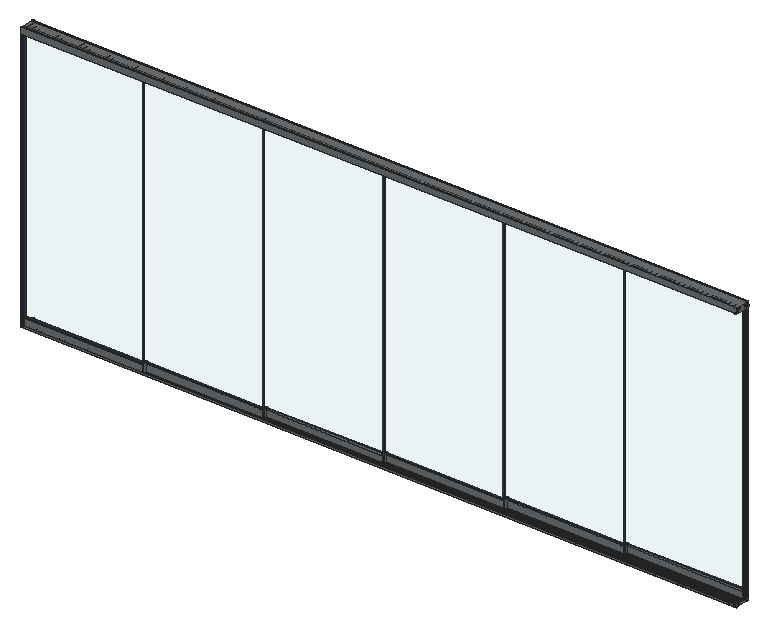
Revit family "Verano_V764_Olivera_GM_R21", category Generic Models, Revit 2021
Family settings
  Can host rebar = No
  Round Connector Dimension = Use Diameter
  Part Type = Normal
  Work Plane-Based = No
  Always vertical = Yes
  Cut with Voids When Loaded = No
  Shared = No
  Room Calculation Point = No
Parameters (values of type "4 Track")
  Width [instance] = Overall Width Constraint  # 6000 mm
  Warning - Width [instance] = if(or(Width Input < Minimal Width, Width Input > Maximal Width), 1 = 1, 1 = 0)  # no
  Warning - Size [instance] = if(and(Overall Width Constraint > 4000 mm, Overall Width Constraint < 4250 mm), 1 = 1, 1 = 0)  # no
  Warning - Height [instance] = if(or([Height Input (1250 - 2250mm)] < Minimal Height, [Height Input (1250 - 2250mm)] > Maximal Height), 1 = 1, 1 = 0)  # no
  Vertical Profile Length [instance] = Overall Height Constraint - 46 mm  # 2204 mm
  URL = "www.verano.nl"
  Sliding Panel Height [instance] = Overall Height Constraint - 31 mm  # 2219 mm
  Segment Width Calc [instance] = ((Overall Width Constraint - 8.4 mm) + (Number of Panels - 1) * 36 mm) / Number of Panels  # 1028.6 mm
  STATE [instance] = 1
  SEMI-OPEN [instance] = STATE = 3  # no
  Panel Material = Glass
  Width Input [instance] = 6000 mm
  Panel 6 Visibility [instance] = Number of Panels = 6  # yes
  Panel 5 Visibility [instance] = if(or(Number of Panels = 5, Number of Panels = 6), 1 = 1, 1 = 0)  # yes
  Panel 4 Visibility [instance] = if(or(Number of Panels = 4, Number of Panels = 5, Number of Panels = 6), 1 = 1, 1 = 0)  # yes
  Panel 3 Visibility [instance] = if(or(Number of Panels = 3, Number of Panels = 4, Number of Panels = 5, Number of Panels = 6), 1 = 1, 1 = 0)  # yes
  Number of Panels [instance] = if(Overall Width Constraint < 2001 mm, 2, if(and(Overall Width Constraint > 2000 mm, Overall Width Constraint < 2751 mm), 3, if(and(Overall Width Constraint > 2750 mm, Overall Width Constraint < 4001 mm), 4, if(and(Overall Width Constraint > 4249 mm, Overall Width Constraint < 5001 mm), 5, 6))))  # 6
  Height Input (1250 - 2250mm) [instance] = 2250 mm
  Opening Percentage % = 50
  Opening Minimum = 0 mm  # constant formula
  Opening Maximum [instance] = Overall Width Constraint - Segment Width Calc  # 4971.4 mm
  Opening Percentage Constraint [instance] = if(OPEN, 0, if(CLOSED, 100, Opening Percentage %))  # 100
  Offset 6 [instance] = if(OPEN, Offset 1, if([SEMI-OPEN], Segment Width Calc * Opening Percentage Constraint / 100 * 5, (Segment Width Calc - 36 mm) * 5))  # 4963 mm
  Offset 5 [instance] = if(OPEN, Offset 1, if([SEMI-OPEN], Segment Width Calc * Opening Percentage Constraint / 100 * 4, (Segment Width Calc - 36 mm) * 4))  # 3970.4 mm
  Offset 4 [instance] = if(OPEN, Offset 1, if([SEMI-OPEN], Segment Width Calc * Opening Percentage Constraint / 100 * 3, (Segment Width Calc - 36 mm) * 3))  # 2977.8 mm
  Offset 3 [instance] = if(OPEN, Offset 1, if([SEMI-OPEN], Segment Width Calc * Opening Percentage Constraint / 100 * 2, (Segment Width Calc - 36 mm) * 2))  # 1985.2 mm
  Offset 2 [instance] = if(OPEN, Offset 1, if([SEMI-OPEN], Segment Width Calc * Opening Percentage Constraint / 100, Segment Width Calc - 36 mm))  # 992.6 mm
  Offset 1 [instance] = 4.2 mm  # constant formula
  OPEN [instance] = STATE = 2  # no
  Model = "V764 Olivera"
  Minimal Width = 1500 mm  # constant formula
  Minimal Height = 1250 mm  # constant formula
  Maximal Width = 6000 mm  # constant formula
  Maximal Height = 2250 mm  # constant formula
  Manufacturer = "Verano Systems"
  Height [instance] = Overall Height Constraint  # 2250 mm
  Frame Material = V_Antracite
  End Profile 6 Visibility [instance] = Number of Panels = 6  # yes
  End Profile 5 Visibility [instance] = Number of Panels = 5  # no
  End Profile 4 Visibility [instance] = Number of Panels = 4  # no
  End Profile 3 Visibility [instance] = Number of Panels = 3  # no
  End Profile 2 Visibility [instance] = Number of Panels = 2  # no
  Description = "The Olivera is a sliding glass wall with 8 mm or 10 mm of tempered glass. The glass panels are positioned on a smooth running, anodised rail and are equipped with a transport function. The Olivera can be used with all Verano® patio awnings and various other existing situations."
  CLOSED [instance] = STATE = 1  # yes
  Overall Width Constraint [instance] = if(Width Input < Minimal Width, Minimal Width, if(Width Input > Maximal Width, Maximal Width, Width Input))  # 6000 mm
  Overall Height Constraint [instance] = if([Height Input (1250 - 2250mm)] < Minimal Height, Minimal Height, if([Height Input (1250 - 2250mm)] > Maximal Height, Maximal Height, [Height Input (1250 - 2250mm)]))  # 2250 mm
  Default Elevation = 0 mm
  6 Track [instance] = if(Overall Width Constraint > 4249 mm, 1 = 1, 1 = 0)  # yes
  4 Track [instance] = if(Overall Width Constraint < 4001 mm, 1 = 1, 1 = 0)  # no
Reference planes
  plane 1 "Center (Front/Back)": y = 0
  plane 2: z = 0
  plane 3 "Center (Left/Right)": x = 0
  plane 4: x = 3000
  plane 5: x = -3000
  plane 6: z = 2250
  plane 7: y = 15
  plane 8: y = 34
  plane 9: y = 53
  plane 10: y = 72
  plane 11: y = 91
  plane 12: y = 110
  plane 13: x = -2995.8
  plane 14: x = -2003.2
  plane 15: x = -1010.6
  plane 16: x = -18
  plane 17: x = 974.6
  plane 18: x = 1967.2
Dimensions and locks
  equal spacing: plane 5, plane 3 "Center (Left/Right)", plane 4
  "Overall Width Constraint": plane 5 to plane 4
  "Overall Height Constraint": plane 6 to level
  "Offset 1": plane 5 to plane 13
  "Offset 2": plane 13 to plane 14
  "Offset 3": plane 13 to plane 15
  "Offset 4": plane 13 to plane 16
  "Offset 5": plane 13 to plane 17
  "Offset 6": plane 13 to plane 18
  plane 14 to nested 8 = 36 mm
  plane 15 to nested 9 = 36 mm
  plane 16 to nested 10 = 36 mm
  aligned and locked: level to plane 2
  aligned and locked: plane 3 "Center (Left/Right)" to nested 2
  aligned and locked: nested 2 to plane 1 "Center (Front/Back)"
  aligned and locked: plane 3 "Center (Left/Right)" to nested 3
  aligned and locked: nested 3 to plane 1 "Center (Front/Back)"
  aligned and locked: plane 5 to nested 1
  aligned and locked: nested 1 to plane 7
  aligned and locked: nested 4 to plane 4
  aligned and locked: nested 4 to plane 9
  aligned and locked: nested 5 to plane 10
  aligned and locked: nested 5 to plane 4
  aligned and locked: nested 6 to plane 11
  aligned and locked: nested 6 to plane 4
  aligned and locked: nested 7 to plane 12
  aligned and locked: nested 7 to plane 4
  aligned and locked: plane 13 to nested 8
  aligned and locked: nested 8 to plane 7
  aligned and locked: plane 14 to nested 9
  aligned and locked: nested 9 to plane 8
  aligned and locked: plane 15 to nested 10
  aligned and locked: nested 10 to plane 9
  aligned and locked: nested 11 to plane 11
  aligned and locked: plane 17 to nested 11
  aligned and locked: plane 12 to nested 12
  aligned and locked: nested 12 to plane 18
  aligned and locked: nested 13 to plane 10
  aligned and locked: nested 14 to plane 17
  aligned and locked: nested 14 to plane 11
  aligned and locked: nested 15 to plane 10
  aligned and locked: nested 15 to plane 16
  aligned and locked: nested 13 to plane 16
  aligned and locked: nested 16 to plane 8
  aligned and locked: nested 16 to plane 4
  aligned and locked: nested 17 to plane 1 "Center (Front/Back)"
  aligned and locked: plane 3 "Center (Left/Right)" to nested 17
  aligned and locked: plane 3 "Center (Left/Right)" to nested 18
  aligned and locked: nested 18 to plane 1 "Center (Front/Back)"
Nested families
  nested 1: "Vertical Profile" at (-3000, 15, 0), type "Vertical Profile"
    with Length 2204 mm
  nested 2: "Top Guides" at (0, 0, 2250), built-in parameter 1001360 <- "Overall Height Constraint", visible <- "4 Track", type "Top Guides"
    with Length 6000 mm, 6 no, 5 no, 3 no
  nested 3: "Bottom Guides" at (0, 0, 0), visible <- "4 Track", type "Bottom Guides"
    with Length 6000 mm, 6 no, 4 yes
  nested 4: "Vertical Profile" at (3000, 53, 0) x (-1, 0, 0) z (0, 0, 1), visible <- "End Profile 3 Visibility", type "Vertical Profile"
    with Length 2204 mm
  nested 5: "Vertical Profile" at (3000, 72, 0) x (-1, 0, 0) z (0, 0, 1), visible <- "End Profile 4 Visibility", type "Vertical Profile"
    with Length 2204 mm
  nested 6: "Vertical Profile" at (3000, 91, 0) x (-1, 0, 0) z (0, 0, 1), visible <- "End Profile 5 Visibility", type "Vertical Profile"
    with Length 2204 mm
  nested 7: "Vertical Profile" at (3000, 110, 0) x (-1, 0, 0) z (0, 0, 1), visible <- "End Profile 6 Visibility", type "Vertical Profile"
    with Length 2204 mm
  nested 8: "Sliding Panel" at (-2481.5, 15, 0), type "Sliding Panel"
    with Width 1028.6 mm, Horizontal Profile Length 1002.6 mm, Height 2250 mm, Glass Width 1022.6 mm, Glass Height 2218 mm
  nested 9: "Sliding Panel" at (-1488.9, 34, 0), type "Sliding Panel"
    with Width 1028.6 mm, Horizontal Profile Length 1002.6 mm, Height 2250 mm, Glass Width 1022.6 mm, Glass Height 2218 mm
  nested 10: "Sliding Panel" at (-496.3, 53, 0), visible <- "Panel 3 Visibility", type "Sliding Panel"
    with Width 1028.6 mm, Horizontal Profile Length 1002.6 mm, Height 2250 mm, Glass Width 1022.6 mm, Glass Height 2218 mm
  nested 11: "Sliding Panel" at (1488.9, 91, 0), type "Sliding Panel", not visible
    with Width 1028.6 mm, Horizontal Profile Length 1002.6 mm, Height 2250 mm, Glass Width 1022.6 mm, Glass Height 2218 mm
  nested 12: "Sliding Panel" at (2481.5, 110, 0), visible <- "Panel 6 Visibility", type "Sliding Panel"
    with Width 1028.6 mm, Horizontal Profile Length 1002.6 mm, Height 2250 mm, Glass Width 1022.6 mm, Glass Height 2218 mm
  nested 13: "Sliding Panel" at (496.3, 72, 0), type "Sliding Panel", not visible
    with Width 1028.6 mm, Horizontal Profile Length 1002.6 mm, Height 2250 mm, Glass Width 1022.6 mm, Glass Height 2218 mm
  nested 14: "Sliding Panel" at (1488.9, 91, 0), visible <- "Panel 5 Visibility", type "Sliding Panel"
    with Width 1028.6 mm, Horizontal Profile Length 1002.6 mm, Height 2250 mm, Glass Width 1022.6 mm, Glass Height 2218 mm
  nested 15: "Sliding Panel" at (496.3, 72, 0), visible <- "Panel 4 Visibility", type "Sliding Panel"
    with Width 1028.6 mm, Horizontal Profile Length 1002.6 mm, Height 2250 mm, Glass Width 1022.6 mm, Glass Height 2218 mm
  nested 16: "Vertical Profile" at (3000, 34, 0) x (-1, 0, 0) z (0, 0, 1), visible <- "End Profile 2 Visibility", type "Vertical Profile"
    with Length 2204 mm
  nested 17: "Verano_V764_Olivera_Bottom Guide 6" at (0, 0, 0), visible <- "6 Track", type "Verano_V764_Olivera_Bottom Guide 6"
    with Length 6000 mm
  nested 18: "Verano_V764_Olivera_Top Guide 6" at (0, 0, 2250), built-in parameter 1001364 <- "Overall Height Constraint", visible <- "6 Track", type "Verano_V764_Olivera_Top Guide 6"
    with Length 6000 mm
Definition of nested family "Vertical Profile"
  Parameters (values of type "Vertical Profile")
    Length = 1000 mm
    Frame Material = none
    Default Elevation = 0 mm
  Reference planes
    plane 1 "Center (Front/Back)": y = 0
    plane 2: z = 0
    plane 3 "Center (Left/Right)": x = 0
  Forms (mm)
    Extrusion 1, solid, material <- "Frame Material"
      sketch origin (0, 0, 0) x (1, 0, 0) y (0, 1, 0)
        loop
          line (26, 12.501) -> (0, 12.501) -> (0, 11.351) -> (2.85, 11.351) -> (2.85, 8.851) -> (0, 6.001) -> (0, -5.999) -> (2.85, -8.849) -> (2.85, -11.349) -> (0, -11.349) -> (0, -12.499) -> (26, -12.499) -> (26, -11.049) -> (23, -9.049) -> (21.5, -9.049) -> (21.5, -10.049) -> (22.5, -10.049) -> (22.5, -11.349) -> (17, -11.349) -> (17, -10.049) -> (18, -10.049) -> (18, -9.049) -> (15.85, -9.049) -> (15.85, -11.349) -> (4, -11.349) -> (4, -8.373) -> (1.15, -5.523) -> (1.15, 5.524) -> (4, 8.374) -> (4, 11.351) -> (15.85, 11.351) -> (15.85, 9.051) -> (18, 9.051) -> (18, 10.051) -> (17, 10.051) -> (17, 11.351) -> (22.5, 11.351) -> (22.5, 10.051) -> (21.5, 10.051) -> (21.5, 9.051) -> (23, 9.051) -> (26, 11.051) -> (26, 12.501)
      from 17 to 1000 <- "Length"
  Dimensions and locks
    aligned and locked: level to plane 2
Definition of nested family "Top Guides"
  Parameters (values of type "Top Guides")
    Length = 2000 mm
    Frame Material = none
    Default Elevation = 0 mm
    6 = yes
    5 = yes
    4 = yes
    3 = yes
  Reference planes
    plane 1 "Center (Front/Back)": y = 0
    plane 2: z = 0
    plane 3 "Center (Left/Right)": x = 0
    plane 4: x = -1000
    plane 5: x = 1000
  Forms (mm)
    Extrusion 1, solid, material <- "Frame Material", visible <- "3"
      sketch origin (0, 0, 0) x (0, 1, 0) y (0, 0, 1)
        loop
          line (68.297, 0) -> (64.818, 0) -> (64.818, -1.5) -> (66.097, -1.5) -> (66.097, -7) -> (2.2, -7) -> (2.2, -1.5) -> (3.478, -1.5) -> (3.478, 0) -> (0, 0) -> (0, -46) -> (7.5, -46) -> (7.5, -43.9) -> (6.4, -43.9) -> (6.4, -44.9) -> (5.1, -44.9) -> (5.1, -43.9) -> (4, -43.9) -> (4, -44.9) -> (2.2, -44.9) -> (2.2, -39.65) -> (4, -39.65) -> (4, -40.65) -> (5.1, -40.65) -> (5.1, -39.65) -> (6.4, -39.65) -> (6.4, -40.65) -> (7.5, -40.65) -> (7.5, -38.55) -> (2.2, -38.55) -> (2.2, -9.5) -> (23.6, -9.5) -> (23.6, -32.2) -> (22.5, -32.2) -> (22.5, -40.65) -> (23.6, -40.65) -> (23.6, -39.65) -> (24.9, -39.65) -> (24.9, -44.9) -> (23.6, -44.9) -> (23.6, -43.9) -> (22.5, -43.9) -> (22.5, -46) -> (26, -46)
          arc (26, -46) -> (26.354, -45.854) -> (26.5, -45.5) r 0.5
          line (26.5, -45.5) -> (26.5, -37.55) -> (25.4, -37.55) -> (25.4, -38.55) -> (24.1, -38.55) -> (24.1, -33.3) -> (25.4, -33.3) -> (25.4, -34.3) -> (26.5, -34.3) -> (26.5, -32.2) -> (25.4, -32.2) -> (25.4, -9.5) -> (42.6, -9.5) -> (42.6, -32.2) -> (41.5, -32.2) -> (41.5, -40.65) -> (42.6, -40.65) -> (42.6, -39.65) -> (43.9, -39.65) -> (43.9, -44.9) -> (42.6, -44.9) -> (42.6, -43.9) -> (41.5, -43.9) -> (41.5, -46) -> (45.5, -46) -> (45.5, -37.55) -> (44.4, -37.55) -> (44.4, -38.55) -> (43.1, -38.55) -> (43.1, -33.3) -> (44.4, -33.3) -> (44.4, -34.3) -> (45.5, -34.3) -> (45.5, -32.2) -> (44.4, -32.2) -> (44.4, -9.5) -> (66.097, -9.5) -> (66.097, -38.55) -> (60.797, -38.55) -> (60.797, -40.65) -> (61.897, -40.65) -> (61.897, -39.65) -> (63.197, -39.65) -> (63.197, -40.65) -> (64.297, -40.65) -> (64.297, -39.65) -> (66.097, -39.65) -> (66.097, -44.9) -> (64.297, -44.9) -> (64.297, -43.9) -> (63.197, -43.9) -> (63.197, -44.9) -> (61.897, -44.9) -> (61.897, -43.9) -> (60.797, -43.9) -> (60.797, -46) -> (68.297, -46) -> (68.297, 0)
      from -1000 to 1000
    Extrusion 2, solid, material <- "Frame Material", visible <- "4"
      sketch origin (0, 0, 0) x (0, 1, 0) y (0, 0, 1)
        loop
          line (87, 0) -> (83.522, 0) -> (83.522, -1.5) -> (84.8, -1.5) -> (84.8, -7) -> (2.2, -7) -> (2.2, -1.5) -> (3.478, -1.5) -> (3.478, 0) -> (0, 0) -> (0, -46) -> (7.5, -46) -> (7.5, -43.9) -> (6.4, -43.9) -> (6.4, -44.9) -> (5.1, -44.9) -> (5.1, -43.9) -> (4, -43.9) -> (4, -44.9) -> (2.2, -44.9) -> (2.2, -39.65) -> (4, -39.65) -> (4, -40.65) -> (5.1, -40.65) -> (5.1, -39.65) -> (6.4, -39.65) -> (6.4, -40.65) -> (7.5, -40.65) -> (7.5, -38.55) -> (2.2, -38.55) -> (2.2, -9.5) -> (23.6, -9.5) -> (23.6, -32.2) -> (22.5, -32.2) -> (22.5, -40.65) -> (23.6, -40.65) -> (23.6, -39.65) -> (24.9, -39.65) -> (24.9, -44.9) -> (23.6, -44.9) -> (23.6, -43.9) -> (22.5, -43.9) -> (22.5, -46) -> (26, -46)
          arc (26, -46) -> (26.354, -45.854) -> (26.5, -45.5) r 0.5
          line (26.5, -45.5) -> (26.5, -37.55) -> (25.4, -37.55) -> (25.4, -38.55) -> (24.1, -38.55) -> (24.1, -33.3) -> (25.4, -33.3) -> (25.4, -34.3) -> (26.5, -34.3) -> (26.5, -32.2) -> (25.4, -32.2) -> (25.4, -9.5) -> (42.6, -9.5) -> (42.6, -32.2) -> (41.5, -32.2) -> (41.5, -40.65) -> (42.6, -40.65) -> (42.6, -39.65) -> (43.9, -39.65) -> (43.9, -44.9) -> (42.6, -44.9) -> (42.6, -43.9) -> (41.5, -43.9) -> (41.5, -46) -> (45.5, -46) -> (45.5, -37.55) -> (44.4, -37.55) -> (44.4, -38.55) -> (43.1, -38.55) -> (43.1, -33.3) -> (44.4, -33.3) -> (44.4, -34.3) -> (45.5, -34.3) -> (45.5, -32.2) -> (44.4, -32.2) -> (44.4, -9.5) -> (61.6, -9.5) -> (61.6, -32.2) -> (60.5, -32.2) -> (60.5, -40.65) -> (61.6, -40.65) -> (61.6, -39.65) -> (62.9, -39.65) -> (62.9, -44.9) -> (61.6, -44.9) -> (61.6, -43.9) -> (60.5, -43.9) -> (60.5, -46) -> (64.5, -46) -> (64.5, -37.55) -> (63.4, -37.55) -> (63.4, -38.55) -> (62.1, -38.55) -> (62.1, -33.3) -> (63.4, -33.3) -> (63.4, -34.3) -> (64.5, -34.3) -> (64.5, -32.2) -> (63.4, -32.2) -> (63.4, -9.5) -> (84.8, -9.5) -> (84.8, -38.55) -> (79.5, -38.55) -> (79.5, -40.65) -> (80.6, -40.65) -> (80.6, -39.65) -> (81.9, -39.65) -> (81.9, -40.65) -> (83, -40.65) -> (83, -39.65) -> (84.8, -39.65) -> (84.8, -44.9) -> (83, -44.9) -> (83, -43.9) -> (81.9, -43.9) -> (81.9, -44.9) -> (80.6, -44.9) -> (80.6, -43.9) -> (79.5, -43.9) -> (79.5, -46) -> (87, -46) -> (87, 0)
      from -1000 to 1000
    Extrusion 3, solid, material <- "Frame Material", visible <- "5"
      sketch origin (0, 0, 0) x (0, 1, 0) y (0, 0, 1)
        loop
          line (106.297, 0) -> (102.818, 0) -> (102.818, -1.5) -> (104.097, -1.5) -> (104.097, -7) -> (2.2, -7) -> (2.2, -1.5) -> (3.478, -1.5) -> (3.478, 0) -> (0, 0) -> (0, -46) -> (7.5, -46) -> (7.5, -43.9) -> (6.4, -43.9) -> (6.4, -44.9) -> (5.1, -44.9) -> (5.1, -43.9) -> (4, -43.9) -> (4, -44.9) -> (2.2, -44.9) -> (2.2, -39.65) -> (4, -39.65) -> (4, -40.65) -> (5.1, -40.65) -> (5.1, -39.65) -> (6.4, -39.65) -> (6.4, -40.65) -> (7.5, -40.65) -> (7.5, -38.55) -> (2.2, -38.55) -> (2.2, -9.5) -> (23.6, -9.5) -> (23.6, -32.2) -> (22.5, -32.2) -> (22.5, -40.65) -> (23.6, -40.65) -> (23.6, -39.65) -> (24.9, -39.65) -> (24.9, -44.9) -> (23.6, -44.9) -> (23.6, -43.9) -> (22.5, -43.9) -> (22.5, -46) -> (26, -46)
          arc (26, -46) -> (26.354, -45.854) -> (26.5, -45.5) r 0.5
          line (26.5, -45.5) -> (26.5, -37.55) -> (25.4, -37.55) -> (25.4, -38.55) -> (24.1, -38.55) -> (24.1, -33.3) -> (25.4, -33.3) -> (25.4, -34.3) -> (26.5, -34.3) -> (26.5, -32.2) -> (25.4, -32.2) -> (25.4, -9.5) -> (42.6, -9.5) -> (42.6, -32.2) -> (41.5, -32.2) -> (41.5, -40.65) -> (42.6, -40.65) -> (42.6, -39.65) -> (43.9, -39.65) -> (43.9, -44.9) -> (42.6, -44.9) -> (42.6, -43.9) -> (41.5, -43.9) -> (41.5, -46) -> (45.5, -46) -> (45.5, -37.55) -> (44.4, -37.55) -> (44.4, -38.55) -> (43.1, -38.55) -> (43.1, -33.3) -> (44.4, -33.3) -> (44.4, -34.3) -> (45.5, -34.3) -> (45.5, -32.2) -> (44.4, -32.2) -> (44.4, -9.5) -> (61.6, -9.5) -> (61.6, -32.2) -> (60.5, -32.2) -> (60.5, -40.65) -> (61.6, -40.65) -> (61.6, -39.65) -> (62.9, -39.65) -> (62.9, -44.9) -> (61.6, -44.9) -> (61.6, -43.9) -> (60.5, -43.9) -> (60.5, -46) -> (64.5, -46) -> (64.5, -37.55) -> (63.4, -37.55) -> (63.4, -38.55) -> (62.1, -38.55) -> (62.1, -33.3) -> (63.4, -33.3) -> (63.4, -34.3) -> (64.5, -34.3) -> (64.5, -32.2) -> (63.4, -32.2) -> (63.4, -9.5) -> (80.6, -9.5) -> (80.6, -32.2) -> (79.5, -32.2) -> (79.5, -40.65) -> (80.6, -40.65) -> (80.6, -39.65) -> (81.9, -39.65) -> (81.9, -44.9) -> (80.6, -44.9) -> (80.6, -43.9) -> (79.5, -43.9) -> (79.5, -46) -> (83.5, -46) -> (83.5, -37.55) -> (82.4, -37.55) -> (82.4, -38.55) -> (81.1, -38.55) -> (81.1, -33.3) -> (82.4, -33.3) -> (82.4, -34.3) -> (83.5, -34.3) -> (83.5, -32.2) -> (82.4, -32.2) -> (82.4, -9.5) -> (104.097, -9.5) -> (104.097, -38.55) -> (98.797, -38.55) -> (98.797, -40.65) -> (99.897, -40.65) -> (99.897, -39.65) -> (101.197, -39.65) -> (101.197, -40.65) -> (102.297, -40.65) -> (102.297, -39.65) -> (104.097, -39.65) -> (104.097, -44.9) -> (102.297, -44.9) -> (102.297, -43.9) -> (101.197, -43.9) -> (101.197, -44.9) -> (99.897, -44.9) -> (99.897, -43.9) -> (98.797, -43.9) -> (98.797, -46) -> (106.297, -46) -> (106.297, 0)
      from -1000 to 1000
    Extrusion 4, solid, material <- "Frame Material", visible <- "6"
      sketch origin (0, 0, 0) x (0, 1, 0) y (0, 0, 1)
        loop
          line (123.097, -9.5) -> (123.097, -38.55) -> (117.797, -38.55) -> (117.797, -40.65) -> (118.897, -40.65) -> (118.897, -39.65) -> (120.197, -39.65) -> (120.197, -40.65) -> (121.297, -40.65) -> (121.297, -39.65) -> (123.097, -39.65) -> (123.097, -44.9) -> (121.297, -44.9) -> (121.297, -43.9) -> (120.197, -43.9) -> (120.197, -44.9) -> (118.897, -44.9) -> (118.897, -43.9) -> (117.797, -43.9) -> (117.797, -46) -> (125.297, -46) -> (125.297, 0) -> (121.818, 0) -> (121.818, -1.5) -> (123.097, -1.5) -> (123.097, -7) -> (2.2, -7) -> (2.2, -1.5) -> (3.478, -1.5) -> (3.478, 0) -> (0, 0) -> (0, -46) -> (7.5, -46) -> (7.5, -43.9) -> (6.4, -43.9) -> (6.4, -44.9) -> (5.1, -44.9) -> (5.1, -43.9) -> (4, -43.9) -> (4, -44.9) -> (2.2, -44.9) -> (2.2, -39.65) -> (4, -39.65) -> (4, -40.65) -> (5.1, -40.65) -> (5.1, -39.65) -> (6.4, -39.65) -> (6.4, -40.65) -> (7.5, -40.65) -> (7.5, -38.55) -> (2.2, -38.55) -> (2.2, -9.5) -> (23.6, -9.5) -> (23.6, -32.2) -> (22.5, -32.2) -> (22.5, -40.65) -> (23.6, -40.65) -> (23.6, -39.65) -> (24.9, -39.65) -> (24.9, -44.9) -> (23.6, -44.9) -> (23.6, -43.9) -> (22.5, -43.9) -> (22.5, -46) -> (26, -46)
          arc (26, -46) -> (26.354, -45.854) -> (26.5, -45.5) r 0.5
          line (26.5, -45.5) -> (26.5, -37.55) -> (25.4, -37.55) -> (25.4, -38.55) -> (24.1, -38.55) -> (24.1, -33.3) -> (25.4, -33.3) -> (25.4, -34.3) -> (26.5, -34.3) -> (26.5, -32.2) -> (25.4, -32.2) -> (25.4, -9.5) -> (42.6, -9.5) -> (42.6, -32.2) -> (41.5, -32.2) -> (41.5, -40.65) -> (42.6, -40.65) -> (42.6, -39.65) -> (43.9, -39.65) -> (43.9, -44.9) -> (42.6, -44.9) -> (42.6, -43.9) -> (41.5, -43.9) -> (41.5, -46) -> (45.5, -46) -> (45.5, -37.55) -> (44.4, -37.55) -> (44.4, -38.55) -> (43.1, -38.55) -> (43.1, -33.3) -> (44.4, -33.3) -> (44.4, -34.3) -> (45.5, -34.3) -> (45.5, -32.2) -> (44.4, -32.2) -> (44.4, -9.5) -> (61.6, -9.5) -> (61.6, -32.2) -> (60.5, -32.2) -> (60.5, -40.65) -> (61.6, -40.65) -> (61.6, -39.65) -> (62.9, -39.65) -> (62.9, -44.9) -> (61.6, -44.9) -> (61.6, -43.9) -> (60.5, -43.9) -> (60.5, -46) -> (64.5, -46) -> (64.5, -37.55) -> (63.4, -37.55) -> (63.4, -38.55) -> (62.1, -38.55) -> (62.1, -33.3) -> (63.4, -33.3) -> (63.4, -34.3) -> (64.5, -34.3) -> (64.5, -32.2) -> (63.4, -32.2) -> (63.4, -9.5) -> (80.6, -9.5) -> (80.6, -32.2) -> (79.5, -32.2) -> (79.5, -40.65) -> (80.6, -40.65) -> (80.6, -39.65) -> (81.9, -39.65) -> (81.9, -44.9) -> (80.6, -44.9) -> (80.6, -43.9) -> (79.5, -43.9) -> (79.5, -46) -> (83.5, -46) -> (83.5, -37.55) -> (82.4, -37.55) -> (82.4, -38.55) -> (81.1, -38.55) -> (81.1, -33.3) -> (82.4, -33.3) -> (82.4, -34.3) -> (83.5, -34.3) -> (83.5, -32.2) -> (82.4, -32.2) -> (82.4, -9.5) -> (99.6, -9.5) -> (99.6, -32.2) -> (98.5, -32.2) -> (98.5, -40.65) -> (99.6, -40.65) -> (99.6, -39.65) -> (100.9, -39.65) -> (100.9, -44.9) -> (99.6, -44.9) -> (99.6, -43.9) -> (98.5, -43.9) -> (98.5, -46) -> (102.5, -46) -> (102.5, -37.55) -> (101.4, -37.55) -> (101.4, -38.55) -> (100.1, -38.55) -> (100.1, -33.3) -> (101.4, -33.3) -> (101.4, -34.3) -> (102.5, -34.3) -> (102.5, -32.2) -> (101.4, -32.2) -> (101.4, -9.5) -> (123.097, -9.5)
      from -1000 to 1000
  Dimensions and locks
    equal spacing: plane 4, plane 3 "Center (Left/Right)", plane 5
    "Length": plane 4 to plane 5
    aligned and locked: level to plane 2
    aligned and locked: plane 5 to Extrusion 1
    aligned and locked: Extrusion 1 to plane 4
    aligned and locked: Extrusion 2 to plane 4
    aligned and locked: plane 5 to Extrusion 2
    aligned and locked: Extrusion 3 to plane 4
    aligned and locked: plane 5 to Extrusion 3
    aligned and locked: Extrusion 4 to plane 4
    aligned and locked: plane 5 to Extrusion 4
  Automatic sketch dimensions
    Extrusion 1 sketch curve to level = 0 mm  (x2)
    Extrusion 1 sketch curve to plane 1 "Center (Front/Back)" = 0 mm  (x2)
    Extrusion 1 sketch curve to plane 1 "Center (Front/Back)" = 2.2 mm  (x5)
    Extrusion 1 sketch curve to Extrusion 1 sketch curve = 0 mm  (x20)
    Extrusion 1 sketch curve to level = 1.5 mm
    Extrusion 1 sketch curve to Extrusion 1 sketch curve = 1.278 mm  (x3)
    Extrusion 1 sketch curve to Extrusion 1 sketch curve = 1.8 mm  (x5)
    Extrusion 1 sketch curve to Extrusion 1 sketch curve = 1.1 mm  (x30)
    Extrusion 1 sketch curve to Extrusion 1 sketch curve = 1.3 mm  (x9)
    Extrusion 1 sketch curve to Extrusion 1 sketch curve = 15 mm  (x2)
    Extrusion 1 sketch curve to level = 9.5 mm  (x2)
    Extrusion 1 sketch curve to Extrusion 1 sketch curve = 21.4 mm
    Extrusion 1 sketch curve to Extrusion 1 sketch curve = 0.5 mm  (x4)
    Extrusion 1 sketch curve to Extrusion 1 sketch curve = 1.6 mm
    Extrusion 1 sketch curve to Extrusion 1 sketch curve = 15.297 mm
    Extrusion 1 sketch curve to Extrusion 1 sketch curve = 20.418 mm
    Extrusion 1 sketch curve to level = 7 mm
    level to Extrusion 1 sketch curve = 0 mm
    Extrusion 1 sketch curve to Extrusion 1 sketch curve = 2.2 mm  (x2)
    Extrusion 1 sketch curve to Extrusion 1 sketch curve = 22.7 mm
    Extrusion 1 sketch curve to Extrusion 1 sketch curve = 1 mm  (x17)
    Extrusion 1 sketch curve to Extrusion 1 sketch curve = 3.25 mm  (x6)
    Extrusion 1 sketch curve to Extrusion 1 sketch curve = 6.35 mm
    Extrusion 1 sketch curve to Extrusion 1 sketch curve = 0.6 mm
    Extrusion 1 sketch curve to Extrusion 1 sketch curve = 2.5 mm
    Extrusion 1 sketch curve to Extrusion 1 sketch curve = 1.5 mm
    Extrusion 2 sketch curve to plane 1 "Center (Front/Back)" = 0 mm
    Extrusion 2 sketch curve to plane 1 "Center (Front/Back)" = 2.2 mm  (x5)
    Extrusion 2 sketch curve to Extrusion 2 sketch curve = 0 mm  (x21)
    Extrusion 2 sketch curve to level = 1.5 mm  (x2)
    Extrusion 2 sketch curve to Extrusion 2 sketch curve = 1.278 mm  (x3)
    Extrusion 2 sketch curve to level = 0 mm  (x3)
    Extrusion 2 sketch curve to Extrusion 2 sketch curve = 1.8 mm  (x6)
    Extrusion 2 sketch curve to Extrusion 2 sketch curve = 1.1 mm  (x40)
    Extrusion 2 sketch curve to Extrusion 2 sketch curve = 1.3 mm  (x13)
    Extrusion 2 sketch curve to Extrusion 2 sketch curve = 15 mm  (x4)
    Extrusion 2 sketch curve to level = 9.5 mm  (x4)
    Extrusion 2 sketch curve to Extrusion 2 sketch curve = 21.4 mm
    Extrusion 2 sketch curve to Extrusion 2 sketch curve = 0.5 mm  (x5)
    Extrusion 2 sketch curve to Extrusion 2 sketch curve = 1.6 mm  (x2)
    Extrusion 2 sketch curve to Extrusion 2 sketch curve = 17.2 mm
    Extrusion 2 sketch curve to level = 38.55 mm
    Extrusion 2 sketch curve to level = 39.65 mm  (x2)
    Extrusion 2 sketch curve to Extrusion 2 sketch curve = 20.122 mm
    Extrusion 2 sketch curve to level = 7 mm
    Extrusion 2 sketch curve to Extrusion 2 sketch curve = 2.2 mm  (x2)
    Extrusion 2 sketch curve to Extrusion 2 sketch curve = 31.15 mm
    Extrusion 2 sketch curve to Extrusion 2 sketch curve = 1 mm  (x20)
    Extrusion 2 sketch curve to Extrusion 2 sketch curve = 3.25 mm  (x8)
    Extrusion 2 sketch curve to Extrusion 2 sketch curve = 0.6 mm
    Extrusion 2 sketch curve to Extrusion 2 sketch curve = 8 mm
    Extrusion 2 sketch curve to Extrusion 2 sketch curve = 2.5 mm
    Extrusion 3 sketch curve to plane 1 "Center (Front/Back)" = 0 mm
    Extrusion 3 sketch curve to plane 1 "Center (Front/Back)" = 2.2 mm  (x5)
    Extrusion 3 sketch curve to Extrusion 3 sketch curve = 0 mm  (x25)
    Extrusion 3 sketch curve to level = 1.5 mm  (x2)
    Extrusion 3 sketch curve to Extrusion 3 sketch curve = 1.278 mm  (x3)
    Extrusion 3 sketch curve to level = 0 mm  (x3)
    Extrusion 3 sketch curve to Extrusion 3 sketch curve = 1.8 mm  (x7)
    Extrusion 3 sketch curve to Extrusion 3 sketch curve = 1.1 mm  (x47)
    Extrusion 3 sketch curve to Extrusion 3 sketch curve = 1.3 mm  (x12)
    Extrusion 3 sketch curve to Extrusion 3 sketch curve = 15 mm  (x4)
    Extrusion 3 sketch curve to level = 9.5 mm  (x6)
    Extrusion 3 sketch curve to Extrusion 3 sketch curve = 21.4 mm
    Extrusion 3 sketch curve to Extrusion 3 sketch curve = 0.5 mm  (x9)
    Extrusion 3 sketch curve to Extrusion 3 sketch curve = 1.6 mm  (x3)
    Extrusion 3 sketch curve to Extrusion 3 sketch curve = 17.2 mm  (x2)
    Extrusion 3 sketch curve to level = 39.65 mm  (x2)
    Extrusion 3 sketch curve to level = 32.2 mm
    Extrusion 3 sketch curve to level = 38.55 mm  (x2)
    Extrusion 3 sketch curve to level = 37.55 mm
    Extrusion 3 sketch curve to Extrusion 3 sketch curve = 15.297 mm
    Extrusion 3 sketch curve to Extrusion 3 sketch curve = 20.418 mm
    Extrusion 3 sketch curve to level = 44.9 mm
    Extrusion 3 sketch curve to level = 7 mm
    Extrusion 3 sketch curve to Extrusion 3 sketch curve = 2.2 mm  (x2)
    Extrusion 3 sketch curve to level = 46 mm
    Extrusion 3 sketch curve to Extrusion 3 sketch curve = 6.35 mm
    Extrusion 3 sketch curve to Extrusion 3 sketch curve = 1 mm  (x23)
    Extrusion 3 sketch curve to Extrusion 3 sketch curve = 3.25 mm  (x7)
    Extrusion 3 sketch curve to Extrusion 3 sketch curve = 2.1 mm
    Extrusion 3 sketch curve to Extrusion 3 sketch curve = 2.5 mm  (x2)
    Extrusion 3 sketch curve to Extrusion 3 sketch curve = 8 mm
    Extrusion 4 sketch curve to plane 1 "Center (Front/Back)" = 0 mm
    Extrusion 4 sketch curve to plane 1 "Center (Front/Back)" = 2.2 mm  (x5)
    Extrusion 4 sketch curve to Extrusion 4 sketch curve = 0 mm  (x27)
    Extrusion 4 sketch curve to Extrusion 4 sketch curve = 1.278 mm  (x3)
    Extrusion 4 sketch curve to level = 0 mm  (x3)
    Extrusion 4 sketch curve to Extrusion 4 sketch curve = 1.8 mm  (x8)
    Extrusion 4 sketch curve to Extrusion 4 sketch curve = 1.1 mm  (x51)
    Extrusion 4 sketch curve to Extrusion 4 sketch curve = 1.3 mm  (x16)
    Extrusion 4 sketch curve to Extrusion 4 sketch curve = 15 mm  (x5)
    Extrusion 4 sketch curve to level = 9.5 mm  (x8)
    Extrusion 4 sketch curve to Extrusion 4 sketch curve = 21.4 mm
    Extrusion 4 sketch curve to Extrusion 4 sketch curve = 0.5 mm  (x9)
    Extrusion 4 sketch curve to Extrusion 4 sketch curve = 1.6 mm  (x4)
    Extrusion 4 sketch curve to Extrusion 4 sketch curve = 17.2 mm  (x3)
    Extrusion 4 sketch curve to level = 39.65 mm  (x3)
    Extrusion 4 sketch curve to level = 32.2 mm  (x4)
    Extrusion 4 sketch curve to level = 38.55 mm  (x3)
    Extrusion 4 sketch curve to level = 37.55 mm
    Extrusion 4 sketch curve to Extrusion 4 sketch curve = 15.297 mm
    Extrusion 4 sketch curve to level = 40.65 mm  (x2)
    Extrusion 4 sketch curve to level = 46 mm
    Extrusion 4 sketch curve to level = 44.9 mm
    Extrusion 4 sketch curve to Extrusion 4 sketch curve = 20.418 mm
    Extrusion 4 sketch curve to Extrusion 4 sketch curve = 2.2 mm  (x2)
    Extrusion 4 sketch curve to Extrusion 4 sketch curve = 6.35 mm  (x3)
    Extrusion 4 sketch curve to Extrusion 4 sketch curve = 0.6 mm
    Extrusion 4 sketch curve to Extrusion 4 sketch curve = 1 mm  (x26)
    Extrusion 4 sketch curve to Extrusion 4 sketch curve = 3.25 mm  (x7)
    Extrusion 4 sketch curve to Extrusion 4 sketch curve = 2.1 mm  (x2)
    Extrusion 4 sketch curve to Extrusion 4 sketch curve = 2.5 mm  (x2)
    Extrusion 4 sketch curve to level = 1.5 mm
    Extrusion 4 sketch curve to Extrusion 4 sketch curve = 1.5 mm
Definition of nested family "Bottom Guides"
  Parameters (values of type "Bottom Guides")
    Length = 5500 mm
    Frame Material = none
    Default Elevation = 0 mm
    6 = yes
    5 = no
    4 = no
    3 = no
  Reference planes
    plane 1 "Center (Front/Back)": y = 0
    plane 2: z = 0
    plane 3 "Center (Left/Right)": x = 0
    plane 4: x = -2750
    plane 5: x = 2750
  Forms (mm)
    Extrusion 1, solid, material <- "Frame Material", visible <- "4"
      sketch origin (0, 0, 0) x (0, 1, 0) y (0, 0, 1)
        loop
          line (82.75, 2) -> (84.75, 0) -> (87.297, 0) -> (87.297, 17) -> (85, 17) -> (85, 8.5) -> (73.25, 8.5) -> (73.25, 16.75) -> (74.5, 16.75) -> (74.5, 18.658)
          arc (74.5, 18.658) -> (72, 20) -> (69.5, 18.658) r 3
          line (69.5, 18.658) -> (69.5, 16.75) -> (70.75, 16.75) -> (70.75, 8.5) -> (54.25, 8.5) -> (54.25, 16.75) -> (55.5, 16.75) -> (55.5, 18.658)
          arc (55.5, 18.658) -> (53, 20) -> (50.5, 18.658) r 3
          line (50.5, 18.658) -> (50.5, 16.75) -> (51.75, 16.75) -> (51.75, 8.5) -> (35.25, 8.5) -> (35.25, 16.75) -> (36.5, 16.75) -> (36.5, 18.658)
          arc (36.5, 18.658) -> (34, 20) -> (31.5, 18.658) r 3
          line (31.5, 18.658) -> (31.5, 16.75) -> (32.75, 16.75) -> (32.75, 8.5) -> (16.25, 8.5) -> (16.25, 16.75) -> (17.5, 16.75) -> (17.5, 18.658)
          arc (17.5, 18.658) -> (15, 20) -> (12.5, 18.658) r 3
          line (12.5, 18.658) -> (12.5, 16.75) -> (13.75, 16.75) -> (13.75, 8.5) -> (2, 8.5) -> (2, 17) -> (0, 17) -> (0, 0) -> (2.25, 0) -> (4.194, 1.944) -> (2, 1.944) -> (2, 6) -> (85, 6) -> (85, 2) -> (82.75, 2)
      from -2750 to 2750
    Extrusion 2, solid, material <- "Frame Material", visible <- "6"
      sketch origin (0, 0, 0) x (0, 1, 0) y (0, 0, 1)
        loop
          line (120.75, 2) -> (122.75, 0) -> (125.297, 0) -> (125.297, 17) -> (123, 17) -> (123, 8.5) -> (111.25, 8.5) -> (111.25, 16.75) -> (112.5, 16.75) -> (112.5, 18.658)
          arc (112.5, 18.658) -> (110, 20) -> (107.5, 18.658) r 3
          line (107.5, 18.658) -> (107.5, 16.75) -> (108.75, 16.75) -> (108.75, 8.5) -> (92.25, 8.5) -> (92.25, 16.75) -> (93.5, 16.75) -> (93.5, 18.658)
          arc (93.5, 18.658) -> (91, 20) -> (88.5, 18.658) r 3
          line (88.5, 18.658) -> (88.5, 16.75) -> (89.75, 16.75) -> (89.75, 8.5) -> (73.25, 8.5) -> (73.25, 16.75) -> (74.5, 16.75) -> (74.5, 18.658)
          arc (74.5, 18.658) -> (72, 20) -> (69.5, 18.658) r 3
          line (69.5, 18.658) -> (69.5, 16.75) -> (70.75, 16.75) -> (70.75, 8.5) -> (54.25, 8.5) -> (54.25, 16.75) -> (55.5, 16.75) -> (55.5, 18.658)
          arc (55.5, 18.658) -> (53, 20) -> (50.5, 18.658) r 3
          line (50.5, 18.658) -> (50.5, 16.75) -> (51.75, 16.75) -> (51.75, 8.5) -> (35.25, 8.5) -> (35.25, 16.75) -> (36.5, 16.75) -> (36.5, 18.658)
          arc (36.5, 18.658) -> (34, 20) -> (31.5, 18.658) r 3
          line (31.5, 18.658) -> (31.5, 16.75) -> (32.75, 16.75) -> (32.75, 8.5) -> (16.25, 8.5) -> (16.25, 16.75) -> (17.5, 16.75) -> (17.5, 18.658)
          arc (17.5, 18.658) -> (15, 20) -> (12.5, 18.658) r 3
          line (12.5, 18.658) -> (12.5, 16.75) -> (13.75, 16.75) -> (13.75, 8.5) -> (2, 8.5) -> (2, 17) -> (0, 17) -> (0, 0) -> (2.25, 0) -> (4.194, 1.944) -> (2, 1.944) -> (2, 6) -> (123, 6) -> (123, 2) -> (120.75, 2)
      from -2750 to 2750
  Dimensions and locks
    equal spacing: plane 4, plane 3 "Center (Left/Right)", plane 5
    "Length": plane 4 to plane 5
    aligned and locked: level to plane 2
    aligned and locked: Extrusion 1 to plane 4
    aligned and locked: Extrusion 2 to plane 4
    aligned and locked: plane 5 to Extrusion 2
    aligned and locked: plane 5 to Extrusion 1
  Automatic sketch dimensions
    Extrusion 1 sketch curve to plane 1 "Center (Front/Back)" = 0 mm
    Extrusion 1 sketch curve to level = 0 mm  (x2)
    Extrusion 1 sketch curve to plane 1 "Center (Front/Back)" = 2 mm  (x2)
    Extrusion 1 sketch curve to plane 1 "Center (Front/Back)" = 2.25 mm
    Extrusion 1 sketch curve to Extrusion 1 sketch curve = 10.5 mm  (x2)
    Extrusion 1 sketch curve to Extrusion 1 sketch curve = 1.25 mm  (x13)
    Extrusion 1 sketch curve to Extrusion 1 sketch curve = 2.5 mm  (x4)
    Extrusion 1 sketch curve to Extrusion 1 sketch curve = 14 mm  (x3)
    Extrusion 1 sketch curve to Extrusion 1 sketch curve = 11.5 mm
    Extrusion 1 sketch curve to Extrusion 1 sketch curve = 2.297 mm
    level to Extrusion 1 sketch curve = 8.5 mm  (x2)
    Extrusion 1 sketch curve to Extrusion 1 sketch curve = 0 mm  (x8)
    Extrusion 1 sketch curve to Extrusion 1 sketch curve = 8.25 mm  (x4)
    Extrusion 1 sketch curve to Extrusion 1 sketch curve = 0.25 mm  (x4)
    Extrusion 1 sketch curve to Extrusion 1 sketch curve = 8.5 mm  (x2)
    Extrusion 1 sketch curve to Extrusion 1 sketch curve = 1.908 mm  (x4)
    level to Extrusion 1 sketch curve = 1.944 mm
    Extrusion 1 sketch curve to Extrusion 1 sketch curve = 1.944 mm
    level to Extrusion 1 sketch curve = 2 mm
    Extrusion 1 sketch curve to Extrusion 1 sketch curve = 2 mm
    Extrusion 2 sketch curve to plane 1 "Center (Front/Back)" = 0 mm
    Extrusion 2 sketch curve to level = 0 mm  (x2)
    Extrusion 2 sketch curve to plane 1 "Center (Front/Back)" = 2 mm  (x2)
    Extrusion 2 sketch curve to plane 1 "Center (Front/Back)" = 2.25 mm
    Extrusion 2 sketch curve to Extrusion 2 sketch curve = 10.5 mm
    Extrusion 2 sketch curve to Extrusion 2 sketch curve = 1.25 mm  (x19)
    Extrusion 2 sketch curve to Extrusion 2 sketch curve = 2.5 mm  (x6)
    Extrusion 2 sketch curve to Extrusion 2 sketch curve = 14 mm  (x5)
    Extrusion 2 sketch curve to Extrusion 2 sketch curve = 11.5 mm
    Extrusion 2 sketch curve to Extrusion 2 sketch curve = 0.25 mm  (x7)
    Extrusion 2 sketch curve to Extrusion 2 sketch curve = 2.297 mm
    level to Extrusion 2 sketch curve = 8.5 mm  (x2)
    Extrusion 2 sketch curve to Extrusion 2 sketch curve = 0 mm  (x12)
    Extrusion 2 sketch curve to Extrusion 2 sketch curve = 8.25 mm  (x6)
    Extrusion 2 sketch curve to Extrusion 2 sketch curve = 8.5 mm  (x2)
    Extrusion 2 sketch curve to Extrusion 2 sketch curve = 1.908 mm  (x6)
    level to Extrusion 2 sketch curve = 1.944 mm
    Extrusion 2 sketch curve to Extrusion 2 sketch curve = 1.944 mm
    level to Extrusion 2 sketch curve = 2 mm
    Extrusion 2 sketch curve to Extrusion 2 sketch curve = 2 mm
Definition of nested family "Sliding Panel"
  Parameters (values of type "Sliding Panel")
    Width = 900 mm
    Panel Material = none
    Horizontal Profile Length = Width - 2 * 13 mm  # 874 mm
    Height = 2750 mm
    Glass Width = Width - 2 * 3 mm  # 894 mm
    Glass Height = Height - 32 mm  # 2718 mm
    Frame Material = none
    Default Elevation = 0 mm
  Reference planes
    plane 1 "Center (Front/Back)": y = 0
    plane 2: z = 0
    plane 3 "Center (Left/Right)": x = 0
    plane 4: x = -450
    plane 5: x = 450
    plane 6: x = -447
    plane 7: x = 447
    plane 8: z = 2750
  Forms (mm)
    Extrusion 1, solid, material <- "Panel Material"
      sketch origin (0, 0, 0) x (1, 0, 0) y (0, 1, 0)
        loop
          line (-447, 4) -> (-447, -4) -> (447, -4) -> (447, 4) -> (-447, 4)
      from 63 to 2718 <- "Glass Height"
  Dimensions and locks
    equal spacing: plane 4, plane 3 "Center (Left/Right)", plane 5
    "Width": plane 4 to plane 5
    locked: plane 4 to plane 6 at 3
    locked: plane 7 to plane 5 at 3
    "Height": plane 8 to level
    aligned and locked: level to plane 2
  Automatic sketch dimensions
    Extrusion 1 sketch curve to plane 6 = 0 mm
    Extrusion 1 sketch curve to plane 7 = 0 mm
    plane 1 "Center (Front/Back)" to Extrusion 1 sketch curve = 4 mm
    Extrusion 1 sketch curve to plane 1 "Center (Front/Back)" = 4 mm
  Nested families
    nested 1: "Horizontal profile" at (0, 0, 0), type "Horizontal profile"
      with Length 900 mm
  Definition of nested family "Horizontal profile"
    Parameters
      Length = 1026 mm
      Frame Material = none
      Default Elevation = 0 mm
    Reference planes
      plane 1 "Center (Front/Back)": y = 0
      plane 2: z = 0
      plane 3 "Center (Left/Right)": x = 0
      plane 4: x = 500
      plane 5: x = -500
      plane 6: x = 513
      plane 7: x = -513
    Forms (mm)
      Extrusion 1, solid, material <- "Frame Material"
        sketch origin (0, 0, 0) x (0, 1, 0) y (0, 0, 1)
          loop
            line (7.901, 13.462) -> (7.901, 71.47)
            arc (7.901, 71.47) -> (7.376, 76.482) -> (5.856, 81.286) r 25.001
            line (5.856, 81.286) -> (5, 81.286) -> (5, 61.462) -> (-5, 61.462) -> (-5, 81.286) -> (-5.804, 81.286)
            arc (-5.804, 81.286) -> (-7.323, 76.482) -> (-7.849, 71.471) r 25.001
            line (-7.849, 71.471) -> (-7.849, 13.462) -> (7.901, 13.462)
        from -500 to 500
      Extrusion 2, solid, material <- "Frame Material"
        sketch origin (0, 0, 0) x (0, 1, 0) y (0, 0, 1)
          loop
            line (-7.849, 13.462) -> (7.901, 13.462) -> (7.901, 71.47)
            arc (7.901, 71.47) -> (7.376, 76.482) -> (5.856, 81.286) r 25.001
            line (5.856, 81.286) -> (-5.804, 81.286)
            arc (-5.804, 81.286) -> (-7.323, 76.482) -> (-7.849, 71.471) r 25.001
            line (-7.849, 71.471) -> (-7.849, 13.462)
        from 500 to 513
      Extrusion 3, solid, material <- "Frame Material"
        sketch origin (0, 0, 0) x (0, 1, 0) y (0, 0, -1)
          loop
            line (-7.849, -13.462) -> (-7.849, -71.471)
            arc (-7.849, -71.471) -> (-7.323, -76.482) -> (-5.804, -81.286) r 25.001
            line (-5.804, -81.286) -> (5.856, -81.286)
            arc (5.856, -81.286) -> (7.376, -76.482) -> (7.901, -71.47) r 25.001
            line (7.901, -71.47) -> (7.901, -13.462) -> (-7.849, -13.462)
        from 500 to 513
    Dimensions and locks
      equal spacing: plane 5, plane 3 "Center (Left/Right)", plane 4
      locked: plane 7 to plane 5 at 13
      locked: plane 4 to plane 6 at 13
      "Length": plane 7 to plane 6
      aligned and locked: level to plane 2
      aligned and locked: Extrusion 1 to plane 5
      aligned and locked: plane 4 to Extrusion 1
      aligned and locked: Extrusion 2 to plane 4
      aligned and locked: plane 6 to Extrusion 2
      aligned and locked: plane 5 to Extrusion 3
      aligned and locked: Extrusion 3 to plane 7
    Automatic sketch dimensions
      plane 1 "Center (Front/Back)" to Extrusion 1 sketch curve = 17.1 mm
      plane 1 "Center (Front/Back)" to Extrusion 1 sketch curve = 7.849 mm
      plane 1 "Center (Front/Back)" to Extrusion 1 sketch curve = 5.804 mm
      plane 1 "Center (Front/Back)" to Extrusion 1 sketch curve = 5 mm
      Extrusion 1 sketch curve to plane 1 "Center (Front/Back)" = 5 mm
      Extrusion 1 sketch curve to Extrusion 1 sketch curve = 0.856 mm
      Extrusion 1 sketch curve to plane 1 "Center (Front/Back)" = 7.901 mm
      Extrusion 1 sketch curve to Extrusion 1 sketch curve = 9.251 mm
      level to Extrusion 1 sketch curve = 13.462 mm
      Extrusion 1 sketch curve to Extrusion 1 sketch curve = 48 mm
      Extrusion 1 sketch curve to Extrusion 1 sketch curve = 9.92 mm  (x2)
      Extrusion 1 sketch curve to Extrusion 1 sketch curve = 0.088 mm
      Extrusion 1 sketch curve to Extrusion 1 sketch curve = 0.089 mm
      plane 1 "Center (Front/Back)" to Extrusion 2 sketch curve = 17.1 mm
      plane 1 "Center (Front/Back)" to Extrusion 2 sketch curve = 7.849 mm
      plane 1 "Center (Front/Back)" to Extrusion 2 sketch curve = 5.804 mm
      Extrusion 2 sketch curve to plane 1 "Center (Front/Back)" = 5.856 mm
      Extrusion 2 sketch curve to plane 1 "Center (Front/Back)" = 7.901 mm
      Extrusion 2 sketch curve to Extrusion 2 sketch curve = 9.251 mm
      level to Extrusion 2 sketch curve = 13.462 mm
      Extrusion 2 sketch curve to Extrusion 2 sketch curve = 57.92 mm
      Extrusion 2 sketch curve to Extrusion 2 sketch curve = 0 mm
      Extrusion 2 sketch curve to Extrusion 2 sketch curve = 0.088 mm
      plane 1 "Center (Front/Back)" to Extrusion 3 sketch curve = 17.1 mm
      plane 1 "Center (Front/Back)" to Extrusion 3 sketch curve = 7.849 mm
      plane 1 "Center (Front/Back)" to Extrusion 3 sketch curve = 5.804 mm
      Extrusion 3 sketch curve to plane 1 "Center (Front/Back)" = 5.856 mm
      Extrusion 3 sketch curve to plane 1 "Center (Front/Back)" = 7.901 mm
      Extrusion 3 sketch curve to Extrusion 3 sketch curve = 9.251 mm
      level to Extrusion 3 sketch curve = 81.286 mm
      Extrusion 3 sketch curve to Extrusion 3 sketch curve = 9.815 mm
      Extrusion 3 sketch curve to Extrusion 3 sketch curve = 0.088 mm
      level to Extrusion 3 sketch curve = 13.462 mm
Definition of nested family "Verano_V764_Olivera_Bottom Guide 6"
  Parameters (values of type "Verano_V764_Olivera_Bottom Guide 6")
    Length = 5500 mm
    Frame Material = none
    Default Elevation = 0 mm
  Reference planes
    plane 1 "Center (Front/Back)": y = 0
    plane 2: z = 0
    plane 3 "Center (Left/Right)": x = 0
    plane 4: x = -2750
    plane 5: x = 2750
  Forms (mm)
    Extrusion 1, solid, material <- "Frame Material"
      sketch origin (0, 0, 0) x (0, 1, 0) y (0, 0, 1)
        loop
          line (120.75, 2) -> (122.75, 0) -> (125.297, 0) -> (125.297, 17) -> (123, 17) -> (123, 8.5) -> (111.25, 8.5) -> (111.25, 16.75) -> (112.5, 16.75) -> (112.5, 18.658)
          arc (112.5, 18.658) -> (110, 20) -> (107.5, 18.658) r 3
          line (107.5, 18.658) -> (107.5, 16.75) -> (108.75, 16.75) -> (108.75, 8.5) -> (92.25, 8.5) -> (92.25, 16.75) -> (93.5, 16.75) -> (93.5, 18.658)
          arc (93.5, 18.658) -> (91, 20) -> (88.5, 18.658) r 3
          line (88.5, 18.658) -> (88.5, 16.75) -> (89.75, 16.75) -> (89.75, 8.5) -> (73.25, 8.5) -> (73.25, 16.75) -> (74.5, 16.75) -> (74.5, 18.658)
          arc (74.5, 18.658) -> (72, 20) -> (69.5, 18.658) r 3
          line (69.5, 18.658) -> (69.5, 16.75) -> (70.75, 16.75) -> (70.75, 8.5) -> (54.25, 8.5) -> (54.25, 16.75) -> (55.5, 16.75) -> (55.5, 18.658)
          arc (55.5, 18.658) -> (53, 20) -> (50.5, 18.658) r 3
          line (50.5, 18.658) -> (50.5, 16.75) -> (51.75, 16.75) -> (51.75, 8.5) -> (35.25, 8.5) -> (35.25, 16.75) -> (36.5, 16.75) -> (36.5, 18.658)
          arc (36.5, 18.658) -> (34, 20) -> (31.5, 18.658) r 3
          line (31.5, 18.658) -> (31.5, 16.75) -> (32.75, 16.75) -> (32.75, 8.5) -> (16.25, 8.5) -> (16.25, 16.75) -> (17.5, 16.75) -> (17.5, 18.658)
          arc (17.5, 18.658) -> (15, 20) -> (12.5, 18.658) r 3
          line (12.5, 18.658) -> (12.5, 16.75) -> (13.75, 16.75) -> (13.75, 8.5) -> (2, 8.5) -> (2, 17) -> (0, 17) -> (0, 0) -> (2.25, 0) -> (4.194, 1.944) -> (2, 1.944) -> (2, 6) -> (123, 6) -> (123, 2) -> (120.75, 2)
      from -2750 to 2750
  Dimensions and locks
    equal spacing: plane 4, plane 3 "Center (Left/Right)", plane 5
    "Length": plane 4 to plane 5
    aligned and locked: level to plane 2
    aligned and locked: Extrusion 1 to plane 4
    aligned and locked: plane 5 to Extrusion 1
  Automatic sketch dimensions
    Extrusion 1 sketch curve to plane 1 "Center (Front/Back)" = 0 mm
    Extrusion 1 sketch curve to level = 0 mm  (x2)
    Extrusion 1 sketch curve to plane 1 "Center (Front/Back)" = 2 mm  (x2)
    Extrusion 1 sketch curve to plane 1 "Center (Front/Back)" = 2.25 mm
    Extrusion 1 sketch curve to Extrusion 1 sketch curve = 10.5 mm
    Extrusion 1 sketch curve to Extrusion 1 sketch curve = 1.25 mm  (x19)
    Extrusion 1 sketch curve to Extrusion 1 sketch curve = 2.5 mm  (x6)
    Extrusion 1 sketch curve to Extrusion 1 sketch curve = 14 mm  (x5)
    Extrusion 1 sketch curve to Extrusion 1 sketch curve = 11.5 mm
    Extrusion 1 sketch curve to Extrusion 1 sketch curve = 0.25 mm  (x7)
    Extrusion 1 sketch curve to Extrusion 1 sketch curve = 2.297 mm
    level to Extrusion 1 sketch curve = 8.5 mm  (x2)
    Extrusion 1 sketch curve to Extrusion 1 sketch curve = 0 mm  (x12)
    Extrusion 1 sketch curve to Extrusion 1 sketch curve = 8.25 mm  (x6)
    Extrusion 1 sketch curve to Extrusion 1 sketch curve = 8.5 mm  (x2)
    Extrusion 1 sketch curve to Extrusion 1 sketch curve = 1.908 mm  (x6)
    level to Extrusion 1 sketch curve = 1.944 mm
    Extrusion 1 sketch curve to Extrusion 1 sketch curve = 1.944 mm
    level to Extrusion 1 sketch curve = 2 mm
    Extrusion 1 sketch curve to Extrusion 1 sketch curve = 2 mm
Definition of nested family "Verano_V764_Olivera_Top Guide 6"
  Parameters (values of type "Verano_V764_Olivera_Top Guide 6")
    Length = 5500 mm
    Frame Material = none
    Default Elevation = 0 mm
  Reference planes
    plane 1 "Center (Front/Back)": y = 0
    plane 2: z = 0
    plane 3 "Center (Left/Right)": x = 0
    plane 4: x = -2750
    plane 5: x = 2750
  Forms (mm)
    Extrusion 1, solid, material <- "Frame Material"
      sketch origin (0, 0, 0) x (0, 1, 0) y (0, 0, 1)
        loop
          line (123.097, -9.5) -> (123.097, -38.55) -> (117.797, -38.55) -> (117.797, -40.65) -> (118.897, -40.65) -> (118.897, -39.65) -> (120.197, -39.65) -> (120.197, -40.65) -> (121.297, -40.65) -> (121.297, -39.65) -> (123.097, -39.65) -> (123.097, -44.9) -> (121.297, -44.9) -> (121.297, -43.9) -> (120.197, -43.9) -> (120.197, -44.9) -> (118.897, -44.9) -> (118.897, -43.9) -> (117.797, -43.9) -> (117.797, -46) -> (125.297, -46) -> (125.297, 0) -> (121.818, 0) -> (121.818, -1.5) -> (123.097, -1.5) -> (123.097, -7) -> (2.2, -7) -> (2.2, -1.5) -> (3.478, -1.5) -> (3.478, 0) -> (0, 0) -> (0, -46) -> (7.5, -46) -> (7.5, -43.9) -> (6.4, -43.9) -> (6.4, -44.9) -> (5.1, -44.9) -> (5.1, -43.9) -> (4, -43.9) -> (4, -44.9) -> (2.2, -44.9) -> (2.2, -39.65) -> (4, -39.65) -> (4, -40.65) -> (5.1, -40.65) -> (5.1, -39.65) -> (6.4, -39.65) -> (6.4, -40.65) -> (7.5, -40.65) -> (7.5, -38.55) -> (2.2, -38.55) -> (2.2, -9.5) -> (23.6, -9.5) -> (23.6, -32.2) -> (22.5, -32.2) -> (22.5, -40.65) -> (23.6, -40.65) -> (23.6, -39.65) -> (24.9, -39.65) -> (24.9, -44.9) -> (23.6, -44.9) -> (23.6, -43.9) -> (22.5, -43.9) -> (22.5, -46) -> (26, -46)
          arc (26, -46) -> (26.354, -45.854) -> (26.5, -45.5) r 0.5
          line (26.5, -45.5) -> (26.5, -37.55) -> (25.4, -37.55) -> (25.4, -38.55) -> (24.1, -38.55) -> (24.1, -33.3) -> (25.4, -33.3) -> (25.4, -34.3) -> (26.5, -34.3) -> (26.5, -32.2) -> (25.4, -32.2) -> (25.4, -9.5) -> (42.6, -9.5) -> (42.6, -32.2) -> (41.5, -32.2) -> (41.5, -40.65) -> (42.6, -40.65) -> (42.6, -39.65) -> (43.9, -39.65) -> (43.9, -44.9) -> (42.6, -44.9) -> (42.6, -43.9) -> (41.5, -43.9) -> (41.5, -46) -> (45.5, -46) -> (45.5, -37.55) -> (44.4, -37.55) -> (44.4, -38.55) -> (43.1, -38.55) -> (43.1, -33.3) -> (44.4, -33.3) -> (44.4, -34.3) -> (45.5, -34.3) -> (45.5, -32.2) -> (44.4, -32.2) -> (44.4, -9.5) -> (61.6, -9.5) -> (61.6, -32.2) -> (60.5, -32.2) -> (60.5, -40.65) -> (61.6, -40.65) -> (61.6, -39.65) -> (62.9, -39.65) -> (62.9, -44.9) -> (61.6, -44.9) -> (61.6, -43.9) -> (60.5, -43.9) -> (60.5, -46) -> (64.5, -46) -> (64.5, -37.55) -> (63.4, -37.55) -> (63.4, -38.55) -> (62.1, -38.55) -> (62.1, -33.3) -> (63.4, -33.3) -> (63.4, -34.3) -> (64.5, -34.3) -> (64.5, -32.2) -> (63.4, -32.2) -> (63.4, -9.5) -> (80.6, -9.5) -> (80.6, -32.2) -> (79.5, -32.2) -> (79.5, -40.65) -> (80.6, -40.65) -> (80.6, -39.65) -> (81.9, -39.65) -> (81.9, -44.9) -> (80.6, -44.9) -> (80.6, -43.9) -> (79.5, -43.9) -> (79.5, -46) -> (83.5, -46) -> (83.5, -37.55) -> (82.4, -37.55) -> (82.4, -38.55) -> (81.1, -38.55) -> (81.1, -33.3) -> (82.4, -33.3) -> (82.4, -34.3) -> (83.5, -34.3) -> (83.5, -32.2) -> (82.4, -32.2) -> (82.4, -9.5) -> (99.6, -9.5) -> (99.6, -32.2) -> (98.5, -32.2) -> (98.5, -40.65) -> (99.6, -40.65) -> (99.6, -39.65) -> (100.9, -39.65) -> (100.9, -44.9) -> (99.6, -44.9) -> (99.6, -43.9) -> (98.5, -43.9) -> (98.5, -46) -> (102.5, -46) -> (102.5, -37.55) -> (101.4, -37.55) -> (101.4, -38.55) -> (100.1, -38.55) -> (100.1, -33.3) -> (101.4, -33.3) -> (101.4, -34.3) -> (102.5, -34.3) -> (102.5, -32.2) -> (101.4, -32.2) -> (101.4, -9.5) -> (123.097, -9.5)
      from -2750 to 2750
  Dimensions and locks
    equal spacing: plane 4, plane 3 "Center (Left/Right)", plane 5
    "Length": plane 4 to plane 5
    aligned and locked: level to plane 2
    aligned and locked: Extrusion 1 to plane 4
    aligned and locked: plane 5 to Extrusion 1
  Automatic sketch dimensions
    Extrusion 1 sketch curve to plane 1 "Center (Front/Back)" = 0 mm
    Extrusion 1 sketch curve to plane 1 "Center (Front/Back)" = 2.2 mm  (x5)
    Extrusion 1 sketch curve to Extrusion 1 sketch curve = 0 mm  (x27)
    Extrusion 1 sketch curve to Extrusion 1 sketch curve = 1.278 mm  (x3)
    Extrusion 1 sketch curve to level = 0 mm  (x3)
    Extrusion 1 sketch curve to Extrusion 1 sketch curve = 1.8 mm  (x8)
    Extrusion 1 sketch curve to Extrusion 1 sketch curve = 1.1 mm  (x51)
    Extrusion 1 sketch curve to Extrusion 1 sketch curve = 1.3 mm  (x16)
    Extrusion 1 sketch curve to Extrusion 1 sketch curve = 15 mm  (x5)
    Extrusion 1 sketch curve to level = 9.5 mm  (x8)
    Extrusion 1 sketch curve to Extrusion 1 sketch curve = 21.4 mm
    Extrusion 1 sketch curve to Extrusion 1 sketch curve = 0.5 mm  (x9)
    Extrusion 1 sketch curve to Extrusion 1 sketch curve = 1.6 mm  (x4)
    Extrusion 1 sketch curve to Extrusion 1 sketch curve = 17.2 mm  (x3)
    Extrusion 1 sketch curve to level = 39.65 mm  (x3)
    Extrusion 1 sketch curve to level = 32.2 mm  (x4)
    Extrusion 1 sketch curve to level = 38.55 mm  (x3)
    Extrusion 1 sketch curve to level = 37.55 mm
    Extrusion 1 sketch curve to Extrusion 1 sketch curve = 15.297 mm
    Extrusion 1 sketch curve to level = 40.65 mm  (x2)
    Extrusion 1 sketch curve to level = 46 mm
    Extrusion 1 sketch curve to level = 44.9 mm
    Extrusion 1 sketch curve to Extrusion 1 sketch curve = 20.418 mm
    Extrusion 1 sketch curve to Extrusion 1 sketch curve = 2.2 mm  (x2)
    Extrusion 1 sketch curve to Extrusion 1 sketch curve = 6.35 mm  (x3)
    Extrusion 1 sketch curve to Extrusion 1 sketch curve = 0.6 mm
    Extrusion 1 sketch curve to Extrusion 1 sketch curve = 1 mm  (x26)
    Extrusion 1 sketch curve to Extrusion 1 sketch curve = 3.25 mm  (x7)
    Extrusion 1 sketch curve to Extrusion 1 sketch curve = 2.1 mm  (x2)
    Extrusion 1 sketch curve to Extrusion 1 sketch curve = 2.5 mm  (x2)
    Extrusion 1 sketch curve to level = 1.5 mm
    Extrusion 1 sketch curve to Extrusion 1 sketch curve = 1.5 mm
